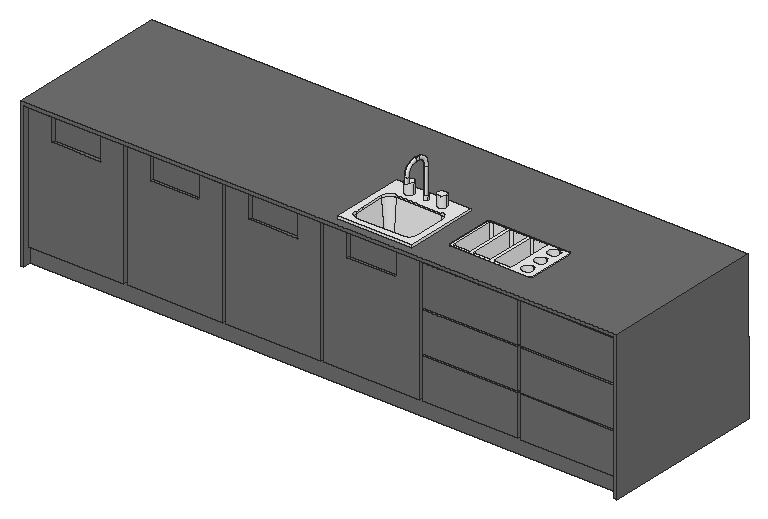
Revit family "Kitchenette", category Specialty Equipment, Revit 2015
Parameters (values of type "3.6m")
  Section 6 [instance] = Drawer : Drawer
  Section 5 [instance] = Drawer : Drawer
  Section 4 [instance] = Closet : Closet
  Section 3 [instance] = Closet : Closet
  Section 2 [instance] = Closet : Closet
  Section 1 [instance] = Closet : Closet
  Metal [instance] = Aluminium Polished
  Material [instance] = Rubber Black
  Width = 1000.00 mm
  Height = 900.00 mm
  Front [instance] = Rubber Black
  Assembly Code = ""
Reference planes
  plane 1 "Left": x = -1820
  plane 2 "Right": x = 1820
  plane 3 "Front": y = -500
  plane 4 "Top": z = 900
  plane 5: y = 500
  plane 6 "Center (Left/Right)": x = 0
  plane 7 "Center (Front/Back)": y = 0
  plane 8: x = -300
  plane 9: x = 300
  plane 10: x = -900
  plane 11: x = -1500
  plane 12: x = 900
  plane 13: x = 1500
  plane 14: z = 880
Forms (mm)
  Extrusion 1, solid, material "Rubber Black" <- "Material"
    sketch origin (3589.401, -1730, 100) x (-1, 0, 0) y (0, 0, 1)
      loop
        line (1769.401, -100) -> (1789.401, -100) -> (1789.401, 780) -> (5389.401, 780) -> (5389.401, -100) -> (5409.401, -100) -> (5409.401, 800) -> (1769.401, 800) -> (1769.401, -100)
    from 1230 to 2230
  Extrusion 2, solid, material "Rubber Black" <- "Material"
    sketch origin (0, 0, 0) x (1, 0, 0) y (0, 1, 0)
      loop
        line (-1800, 100) -> (1800, 100) -> (1800, 120) -> (-1800, 120) -> (-1800, 100)
    from 0 to 880
  Extrusion 3, solid, material "Rubber Black" <- "Material"
    sketch origin (0, -550, 0) x (1, 0, 0) y (0, 1, 0)
      loop
        line (-1800, 100) -> (1800, 100) -> (1800, 120) -> (-1800, 120) -> (-1800, 100)
    from 0 to 880
  Extrusion 4, void
    sketch origin (0, 0, 0) x (1, 0, 0) y (0, 1, 0)
      loop
        line (436.1, -104.3) -> (163.9, -104.3)
        arc (163.9, -104.3) -> (120.908, -122.108) -> (103.1, -165.1) r 60.8
        line (103.1, -165.1) -> (103.1, -361.1)
        arc (103.1, -361.1) -> (120.908, -404.092) -> (163.9, -421.9) r 60.8
        line (163.9, -421.9) -> (436.1, -421.9)
        arc (436.1, -421.9) -> (479.092, -404.092) -> (496.9, -361.1) r 60.8
        line (496.9, -361.1) -> (496.9, -165.1)
        arc (496.9, -165.1) -> (479.092, -122.108) -> (436.1, -104.3) r 60.8
      loop
        line (1140, -16) -> (660, -16)
        arc (660, -16) -> (649.747, -20.247) -> (645.5, -30.5) r 14.5
        line (645.5, -30.5) -> (645.5, -305.5)
        arc (645.5, -305.5) -> (649.747, -315.753) -> (660, -320) r 14.5
        line (660, -320) -> (1140, -320)
        arc (1140, -320) -> (1150.253, -315.753) -> (1154.5, -305.5) r 14.5
        line (1154.5, -305.5) -> (1154.5, -30.5)
        arc (1154.5, -30.5) -> (1150.253, -20.247) -> (1140, -16) r 14.5
    from 760 to 900
Cuts and joins
  Extrusion 4 cuts Extrusion 1
Dimensions and locks
  equal spacing: plane 3 "Front", plane 7 "Center (Front/Back)", plane 5
  equal spacing: plane 1 "Left", plane 6 "Center (Left/Right)", plane 2 "Right"
  plane 1 "Left" to plane 2 "Right" = 3640.00 mm
  "Width": plane 3 "Front" to plane 5
  "Height": plane 4 "Top" to level
  locked: plane 3 "Front" to Extrusion 2 at 600
  locked: Extrusion 2 to Extrusion 2 at 20
  locked: plane 3 "Front" to nested 2 at 180
  locked: plane 3 "Front" to nested 4 at 50
  locked: Extrusion 3 to Extrusion 3 at 20
  plane 3 "Front" to Extrusion 3 to Extrusion 3 = 50.00 mm locked, 20.00 mm locked
  locked: plane 4 "Top" to plane 14 at 20
  aligned and locked: plane 3 "Front" to Extrusion 1
  aligned and locked: Extrusion 1 to plane 5
  aligned and locked: Extrusion 1 sketch curve to plane 1 "Left"
  aligned and locked: Extrusion 2 to Extrusion 1  (x2)
  aligned and locked: Extrusion 2 to level
  aligned and locked: plane 12 to nested 1
  aligned and locked: plane 13 to nested 3
  aligned and locked: nested 4 to plane 9
  aligned and locked: plane 3 "Front" to nested 1
  aligned and locked: plane 3 "Front" to nested 3
  aligned and locked: plane 4 "Top" to nested 2
  aligned and locked: plane 9 to nested 5
  aligned and locked: plane 3 "Front" to nested 5
  aligned and locked: plane 11 to nested 8
  aligned and locked: plane 10 to nested 7
  aligned and locked: plane 8 to nested 6
  aligned and locked: plane 3 "Front" to nested 8
  aligned and locked: plane 3 "Front" to nested 7
  aligned and locked: plane 3 "Front" to nested 6
  aligned and locked: Extrusion 4 to plane 4 "Top"
  aligned and locked: Extrusion 1 sketch curve to plane 4 "Top"
  aligned and locked: Extrusion 1 sketch curve to plane 14
  aligned and locked: Extrusion 3 to plane 14
  aligned and locked: Extrusion 2 to plane 14
Automatic sketch dimensions
  plane 1 "Left" to Extrusion 2 sketch curve = 20.00 mm
  Extrusion 2 sketch curve to plane 2 "Right" = 20.00 mm
  Extrusion 2 sketch curve to plane 7 "Center (Front/Back)" = 100.00 mm
  Extrusion 2 sketch curve to Extrusion 2 sketch curve = 20.00 mm
  plane 1 "Left" to Extrusion 3 sketch curve = 20.00 mm
  Extrusion 3 sketch curve to plane 2 "Right" = 20.00 mm
  Extrusion 3 sketch curve to plane 3 "Front" = 50.00 mm
  Extrusion 3 sketch curve to Extrusion 3 sketch curve = 20.00 mm
  Extrusion 4 sketch curve to plane 6 "Center (Left/Right)" = 103.10 mm
  Extrusion 4 sketch curve to Extrusion 4 sketch curve = 60.80 mm  (x4)
  Extrusion 4 sketch curve to plane 3 "Front" = 78.10 mm
  plane 7 "Center (Front/Back)" to Extrusion 4 sketch curve = 165.10 mm
  Extrusion 4 sketch curve to plane 9 = 136.10 mm
  plane 7 "Center (Front/Back)" to Extrusion 4 sketch curve = 30.50 mm
  Extrusion 4 sketch curve to Extrusion 4 sketch curve = 148.60 mm
  Extrusion 4 sketch curve to Extrusion 4 sketch curve = 14.50 mm  (x2)
  plane 7 "Center (Front/Back)" to Extrusion 4 sketch curve = 16.00 mm
  Extrusion 4 sketch curve to plane 12 = 240.00 mm  (x2)
  Extrusion 4 sketch curve to plane 3 "Front" = 180.00 mm
  Extrusion 1 sketch curve to level = 0.00 mm  (x2)
  Extrusion 1 sketch curve to plane 2 "Right" = 0.00 mm
  Extrusion 1 sketch curve to Extrusion 1 sketch curve = 20.00 mm
  plane 1 "Left" to Extrusion 1 sketch curve = 20.00 mm
Nested families
  nested 1: "Drawer" at (900, -500, 0), Material <- "Front", type <- "Section 5", Height <- "Height", type "Drawer"
    with Material Rubber Black, Height 900.00 mm
  nested 2: "Container" at (900, -168, 900), Material <- "Metal", type "Container"
    with Material Aluminium Polished
  nested 3: "Drawer" at (1500, -500, 0), Material <- "Front", type <- "Section 6", Height <- "Height", type "Drawer"
    with Material Rubber Black, Height 900.00 mm
  nested 4: "Sink" at (284.311, -227.345, 0), Counter Height <- "Height", Material <- "Metal", type "Sink"
    with Material Aluminium Polished, Counter Height 900.00 mm
  nested 5: "Closet" at (300, -500, 0), Material <- "Front", type <- "Section 4", Height <- "Height", type "Closet"
    with Material Rubber Black, Height 900.00 mm
  nested 6: "Closet" at (-300, -500, 0), Material <- "Front", type <- "Section 3", Height <- "Height", type "Closet"
    with Material Rubber Black, Height 900.00 mm
  nested 7: "Closet" at (-900, -500, 0), Material <- "Front", type <- "Section 2", Height <- "Height", type "Closet"
    with Material Rubber Black, Height 900.00 mm
  nested 8: "Closet" at (-1500, -500, 0), Material <- "Front", type <- "Section 1", Height <- "Height", type "Closet"
    with Material Rubber Black, Height 900.00 mm
Definition of nested family "Drawer"
  Parameters
    Material [instance] = none
    Height [instance] = 900.00 mm
    Assembly Code = ""
  Reference planes
    plane 1 "Left": x = -300
    plane 2 "Right": x = 300
    plane 3 "Front": y = 0
    plane 4 "Top": z = 900
    plane 5 "Center (Front/Back)": y = 0
    plane 6 "Center (Left/Right)": x = 0
  Forms (mm)
    Extrusion 1, solid, material <- "Material"
      sketch origin (0, 0, 0) x (1, 0, 0) y (0, 0, 1)
        loop
          line (290, 856) -> (-290, 856) -> (-290, 609) -> (290, 609) -> (290, 856)
        loop
          line (-290, 100) -> (290, 100) -> (290, 347) -> (-290, 347) -> (-290, 100)
        loop
          line (-290, 357) -> (290, 357) -> (290, 599) -> (-290, 599) -> (-290, 357)
      from -50 to -30
  Lines and regions (mm)
    symbolic lines
      curve 1: line (-200, -40, 0) -> (200, -40, 0)
      curve 2: line (-200, -100, 0) -> (200, -100, 0)
      curve 3: line (-200, -160, 0) -> (200, -160, 0)
  Dimensions and locks
    equal spacing: plane 1 "Left", plane 6 "Center (Left/Right)", plane 2 "Right"
    locked: plane 1 "Left" to plane 2 "Right" at 600
    "Height": plane 4 "Top" to level
  Automatic sketch dimensions
    plane 1 "Left" to Extrusion 1 sketch curve = 10.00 mm  (x2)
    Extrusion 1 sketch curve to Extrusion 1 sketch curve = 0.00 mm  (x3)
    Extrusion 1 sketch curve to plane 2 "Right" = 10.00 mm
    level to Extrusion 1 sketch curve = 100.00 mm
    Extrusion 1 sketch curve to Extrusion 1 sketch curve = 247.00 mm
    Extrusion 1 sketch curve to Extrusion 1 sketch curve = 10.00 mm  (x2)
    Extrusion 1 sketch curve to Extrusion 1 sketch curve = 242.00 mm
    plane 4 "Top" to Extrusion 1 sketch curve = 44.00 mm
    plane 1 "Left" to curve 3 = 100.00 mm
    plane 3 "Front" to curve 3 = 160.00 mm
    curve 2 to curve 3 = 0.00 mm
    curve 1 to curve 2 = 0.00 mm  (x2)
    curve 2 to plane 2 "Right" = 100.00 mm
    curve 3 to curve 2 = 0.00 mm
    curve 3 to curve 2 = 60.00 mm
    plane 3 "Front" to curve 1 = 40.00 mm
Definition of nested family "Container"
  Parameters
    Material [instance] = none
    Assembly Code = ""
  Reference planes
    plane 1 "Left": x = -254.5
    plane 2 "Right": x = 254.5
    plane 3 "Front": y = 0
    plane 4 "Top": z = 0
    plane 5 "Center (Left/Right)": x = 0
    plane 6: y = -152
    plane 7: y = 152
  Forms (mm)
    Extrusion 1, solid, material <- "Material"
      sketch origin (0, 0, 0) x (1, 0, 0) y (0, 1, 0)
        loop
          line (107.18, 144.875) -> (25.79, 144.875)
          arc (25.79, 144.875) -> (16.951, 141.214) -> (13.29, 132.375) r 12.5
          line (13.29, 132.375) -> (13.29, -129.996)
          arc (13.29, -129.996) -> (16.951, -138.835) -> (25.79, -142.496) r 12.5
          line (25.79, -142.496) -> (107.18, -142.496)
          arc (107.18, -142.496) -> (116.019, -138.835) -> (119.68, -129.996) r 12.5
          line (119.68, -129.996) -> (119.68, 132.375)
          arc (119.68, 132.375) -> (116.019, 141.214) -> (107.18, 144.875) r 12.5
        loop
          line (240, 152) -> (-240, 152)
          arc (-240, 152) -> (-250.253, 147.753) -> (-254.5, 137.5) r 14.5
          line (-254.5, 137.5) -> (-254.5, -137.5)
          arc (-254.5, -137.5) -> (-250.253, -147.753) -> (-240, -152) r 14.5
          line (-240, -152) -> (240, -152)
          arc (240, -152) -> (250.253, -147.753) -> (254.5, -137.5) r 14.5
          line (254.5, -137.5) -> (254.5, 137.5)
          arc (254.5, 137.5) -> (250.253, 147.753) -> (240, 152) r 14.5
        loop
          line (-16.43, 144.875) -> (-97.82, 144.875)
          arc (-97.82, 144.875) -> (-106.659, 141.214) -> (-110.32, 132.375) r 12.5
          line (-110.32, 132.375) -> (-110.32, -129.996)
          arc (-110.32, -129.996) -> (-106.659, -138.835) -> (-97.82, -142.496) r 12.5
          line (-97.82, -142.496) -> (-16.43, -142.496)
          arc (-16.43, -142.496) -> (-7.591, -138.835) -> (-3.93, -129.996) r 12.5
          line (-3.93, -129.996) -> (-3.93, 132.375)
          arc (-3.93, 132.375) -> (-7.591, 141.214) -> (-16.43, 144.875) r 12.5
        loop
          line (-140.039, 144.875) -> (-221.43, 144.875)
          arc (-221.43, 144.875) -> (-230.268, 141.214) -> (-233.93, 132.375) r 12.5
          line (-233.93, 132.375) -> (-233.93, -129.996)
          arc (-233.93, -129.996) -> (-230.268, -138.835) -> (-221.43, -142.496) r 12.5
          line (-221.43, -142.496) -> (-140.039, -142.496)
          arc (-140.039, -142.496) -> (-131.2, -138.835) -> (-127.539, -129.996) r 12.5
          line (-127.539, -129.996) -> (-127.539, 132.375)
          arc (-127.539, 132.375) -> (-131.2, 141.214) -> (-140.039, 144.875) r 12.5
        loop
          circle (189.743, 99.877) r 35
        loop
          circle (189.743, -0.123) r 35
        loop
          circle (189.743, -99.877) r 35
      from 0 to -100
    Extrusion 2, solid, material <- "Material"
      sketch origin (0, 0, 0) x (1, 0, 0) y (0, 1, 0)
        loop
          line (240, 152) -> (-240, 152)
          arc (-240, 152) -> (-250.253, 147.753) -> (-254.5, 137.5) r 14.5
          line (-254.5, 137.5) -> (-254.5, -137.5)
          arc (-254.5, -137.5) -> (-250.253, -147.753) -> (-240, -152) r 14.5
          line (-240, -152) -> (240, -152)
          arc (240, -152) -> (250.253, -147.753) -> (254.5, -137.5) r 14.5
          line (254.5, -137.5) -> (254.5, 137.5)
          arc (254.5, 137.5) -> (250.253, 147.753) -> (240, 152) r 14.5
      from -110 to -100
  Cuts and joins
    joined: Extrusion 1, Extrusion 2
  Dimensions and locks
    aligned and locked: Extrusion 2 to Extrusion 1
Definition of nested family "Sink"
  Parameters
    Counter Height [instance] = 900.00 mm
    Depth = 450.00 mm
    Material [instance] = none
    Width = 450.00 mm
  Reference planes
    plane 1 "Center (Front/Back)": y = 2.345
    plane 2: z = 0
    plane 3 "Center (Left/Right)": x = 15.689
    plane 4: y = 227.345
    plane 5: y = -222.655
    plane 6: x = -209.311
    plane 7: x = 240.689
    plane 8 "Top Of Counter": z = 900
    plane 9: z = 912.7
    plane 10: z = 684.1
    plane 11: y = 113.045
    plane 12: x = -171.211
    plane 13: y = -184.555
    plane 14: x = 202.589
    plane 15: x = -84.311
    plane 16: x = 115.689
    plane 17: y = 170.195
    plane 18: y = 170.195
    plane 19: y = 170.195
    plane 20: z = 1163.525
    plane 21: y = 20.97
    plane 22: z = 976.2
    plane 23: z = 938.1
  Forms (mm)
    Extrusion 1, solid, material <- "Material"
      sketch origin (0, 0, 0) x (1, 0, 0) y (0, 1, 0)
        loop
          line (-209.311, 227.345) -> (-209.311, -222.655) -> (240.689, -222.655) -> (240.689, 227.345) -> (-209.311, 227.345)
        loop
          arc (-120.411, 113.045) -> (-156.332, 98.166) -> (-171.211, 62.245) r 50.8
          line (-171.211, 62.245) -> (-171.211, -133.755)
          arc (-171.211, -133.755) -> (-156.332, -169.676) -> (-120.411, -184.555) r 50.8
          line (-120.411, -184.555) -> (151.789, -184.555)
          arc (151.789, -184.555) -> (187.71, -169.676) -> (202.589, -133.755) r 50.8
          line (202.589, -133.755) -> (202.589, 62.245)
          arc (202.589, 62.245) -> (187.71, 98.166) -> (151.789, 113.045) r 50.8
          line (151.789, 113.045) -> (-120.411, 113.045)
      from 900 to 912.7
    Sweep 2, solid, material <- "Material"
      path origin (0, 0, 0) x (1, 0, 0) y (0, 1, 0)
        loop
          arc (-120.411, 113.045) -> (-156.332, 98.166) -> (-171.211, 62.245) r 50.8
          line (-171.211, 62.245) -> (-171.211, -133.755)
          arc (-171.211, -133.755) -> (-156.332, -169.676) -> (-120.411, -184.555) r 50.8
          line (-120.411, -184.555) -> (151.789, -184.555)
          arc (151.789, -184.555) -> (187.71, -169.676) -> (202.589, -133.755) r 50.8
          line (202.589, -133.755) -> (202.589, 62.245)
          arc (202.589, 62.245) -> (187.71, 98.166) -> (151.789, 113.045) r 50.8
          line (151.789, 113.045) -> (-120.411, 113.045)
      profile origin (15.689, 0, 0) x (0, 1, 0) y (0, 0, 1)
        loop
          line (113.045, 900) -> (96.511, 711.015)
          arc (96.511, 711.015) -> (90.404, 698.63) -> (77.534, 693.625) r 19.05
          line (77.534, 693.625) -> (74.945, 693.625) -> (74.945, 684.1) -> (119.395, 684.1) -> (119.395, 900) -> (113.045, 900)
    Extrusion 3, solid, material <- "Material"
      sketch origin (0, 0, 0) x (1, 0, 0) y (0, 1, 0)
        loop
          arc (-120.411, 74.945) -> (-129.391, 71.226) -> (-133.111, 62.245) r 12.7
          line (-133.111, 62.245) -> (-133.111, -133.755)
          arc (-133.111, -133.755) -> (-129.391, -142.735) -> (-120.411, -146.455) r 12.7
          line (-120.411, -146.455) -> (151.789, -146.455)
          arc (151.789, -146.455) -> (160.769, -142.735) -> (164.489, -133.755) r 12.7
          line (164.489, -133.755) -> (164.489, 62.245)
          arc (164.489, 62.245) -> (160.769, 71.226) -> (151.789, 74.945) r 12.7
          line (151.789, 74.945) -> (-120.411, 74.945)
        loop
          circle (15.689, 0) r 25.4
      from 684.1 to 693.625
    Extrusion 4, solid, material <- "Material"
      sketch origin (0, 0, 0) x (1, 0, 0) y (0, 1, 0)
        loop
          circle (-84.311, 170.195) r 25.4
        loop
          circle (115.689, 170.195) r 25.4
      from 912.7 to 976.2
    Sweep 5, solid, material <- "Material"
      path origin (15.689, 0, 0) x (0, 1, 0) y (0, 0, 1)
        loop
          line (170.195, 912.7) -> (170.195, 1100.025)
          arc (170.195, 1100.025) -> (151.597, 1144.926) -> (106.695, 1163.525) r 63.5
          line (106.695, 1163.525) -> (84.47, 1163.525)
          arc (84.47, 1163.525) -> (39.569, 1144.926) -> (20.97, 1100.025) r 63.5
          line (20.97, 1100.025) -> (20.97, 1065.1)
      profile origin (15.689, 0, 1006.363) x (0, -1, 0) y (1, 0, 0)
        loop
          circle (-170.195, 0) r 9.525
    Extrusion 6, solid, material <- "Material"
      sketch origin (0, 0, 0) x (1, 0, 0) y (0, 1, 0)
        loop
          circle (15.689, 170.195) r 12.7
      from 912.7 to 938.1
    Extrusion 7, solid, material <- "Material"
      sketch origin (0, 0, 0) x (1, 0, 0) y (0, 1, 0)
        loop
          circle (15.689, 0) r 25.4
      from 674.1 to 684.1
  Cuts and joins
    joined: Sweep 5, Extrusion 6
    joined: Sweep 2, Extrusion 3
  Lines and regions (mm)
    Masking region 1
      outline origin (0, 0, 900) x (0, -1, 0) y (1, 0, 0)
        loop
          line (-227.345, -209.311) -> (222.655, -209.311) -> (222.655, 240.689) -> (-227.345, 240.689) -> (-227.345, -209.311)
    symbolic lines
      curve 1: arc (41.089, 0, 900) -> (15.689, 25.4, 900) -> (-9.711, 0, 900) r 25.4
      curve 2: arc (-9.711, 0, 900) -> (15.689, -25.4, 900) -> (41.089, 0, 900) r 25.4
      curve 3: line (-171.211, 62.245, 900) -> (-171.211, -133.755, 900)
      curve 4: line (-120.411, -184.555, 900) -> (151.789, -184.555, 900)
      curve 5: line (202.589, -133.755, 900) -> (202.589, 62.245, 900)
      curve 6: line (151.789, 113.045, 900) -> (28.389, 113.045, 900)
      curve 7: arc (202.589, 62.245, 900) -> (187.71, 98.166, 900) -> (151.789, 113.045, 900) r 50.8
      curve 8: arc (151.789, -184.555, 900) -> (187.71, -169.676, 900) -> (202.589, -133.755, 900) r 50.8
      curve 9: arc (-171.211, -133.755, 900) -> (-156.332, -169.676, 900) -> (-120.411, -184.555, 900) r 50.8
      curve 10: arc (-120.411, 113.045, 900) -> (-156.332, 98.166, 900) -> (-171.211, 62.245, 900) r 50.8
      curve 11: arc (142.689, 172.313, 900) -> (117.289, 197.713, 900) -> (91.889, 172.313, 900) r 25.4
      curve 12: arc (91.889, 172.313, 900) -> (117.289, 146.913, 900) -> (142.689, 172.313, 900) r 25.4
      curve 13: arc (28.389, 170.195, 900) -> (15.689, 182.895, 900) -> (2.989, 170.195, 900) r 12.7
      curve 14: line (2.989, 170.195, 900) -> (2.989, 53.145, 900)
      curve 15: line (28.389, 170.195, 900) -> (28.389, 53.145, 900)
      curve 16: arc (28.389, 53.145, 900) -> (15.689, 40.445, 900) -> (2.989, 53.145, 900) r 12.7
      curve 17: line (2.989, 113.045, 900) -> (-120.411, 113.045, 900)
      curve 18: arc (-58.911, 170.195, 900) -> (-84.311, 195.595, 900) -> (-109.711, 170.195, 900) r 25.4
      curve 19: arc (-109.711, 170.195, 900) -> (-84.311, 144.795, 900) -> (-58.911, 170.195, 900) r 25.4
  Dimensions and locks
    equal spacing: plane 6, plane 3 "Center (Left/Right)", plane 7
    "Width": plane 6 to plane 7
    equal spacing: plane 5, plane 1 "Center (Front/Back)", plane 4
    "Depth": plane 5 to plane 4
    "Counter Height": plane 8 "Top Of Counter" to plane 2
    locked: plane 9 to plane 8 "Top Of Counter" at 12.7
    locked: plane 8 "Top Of Counter" to plane 10 at 215.9
    locked: plane 6 to plane 12 at 38.1
    locked: plane 14 to plane 7 at 38.1
    locked: plane 11 to plane 4 at 114.3
    locked: plane 5 to plane 13 at 38.1
    equal spacing: plane 11, plane 17, plane 4
    equal spacing: plane 11, plane 18, plane 4
    equal spacing: plane 4, plane 19, plane 11
    locked: plane 19 to plane 21 at 149.225
    locked: plane 20 to plane 9 at 250.825
    locked: plane 22 to plane 9 at 63.5
    locked: plane 23 to plane 9 at 25.4
    plane 15 to plane 3 "Center (Left/Right)" to plane 16 = 100.00 mm locked, 100.00 mm locked
    aligned and locked: Extrusion 1 sketch curve to plane 5
    aligned and locked: plane 7 to Extrusion 1 sketch curve
    aligned and locked: plane 4 to Extrusion 1 sketch curve
    aligned and locked: Extrusion 1 sketch curve to plane 6
    aligned and locked: plane 8 "Top Of Counter" to Extrusion 1
    aligned and locked: Extrusion 1 to plane 9
    aligned and locked: plane 11 to Extrusion 1 sketch curve
    aligned and locked: plane 14 to Extrusion 1 sketch curve
    aligned and locked: Extrusion 1 sketch curve to plane 12
    aligned and locked: Extrusion 1 sketch curve to plane 13
    aligned and locked: plane 11 to Sweep 2 sketch curve
    aligned and locked: plane 14 to Sweep 2 sketch curve
    aligned and locked: Sweep 2 sketch curve to plane 12
    aligned and locked: Sweep 2 sketch curve to plane 13
    aligned and locked: Sweep 2 to Extrusion 3 sketch curve  (x4)
    aligned and locked: Sweep 2 to Extrusion 3
    aligned and locked: plane 10 to Extrusion 3
    aligned and locked: Sweep 2 sketch curve to plane 10
    aligned and locked: plane 8 "Top Of Counter" to Sweep 2 sketch curve
    aligned and locked: Extrusion 4 to Extrusion 1
    aligned and locked: Extrusion 6 to Extrusion 1
    aligned and locked: Sweep 5 sketch curve to plane 19
    aligned and locked: plane 20 to Sweep 5 sketch curve
    aligned and locked: plane 21 to Sweep 5 sketch curve
    aligned and locked: Extrusion 4 to plane 22
    aligned and locked: Extrusion 6 to plane 23
    aligned and locked: plane 7 to Masking region 1 sketch curve
    aligned and locked: Masking region 1 sketch curve to plane 5
    aligned and locked: Masking region 1 sketch curve to plane 6
    aligned and locked: plane 4 to Masking region 1 sketch curve
    aligned and locked: curve 18 to Extrusion 4
    aligned and locked: plane 16 to Extrusion 4 sketch curve
    aligned and locked: plane 17 to Extrusion 4 sketch curve  (x2)
    aligned and locked: plane 15 to Extrusion 4 sketch curve
    aligned and locked: Extrusion 7 to plane 10
  Automatic sketch dimensions
    Sweep 2 sketch curve to plane 12 = 50.80 mm
    Sweep 2 sketch curve to Sweep 2 sketch curve = 50.80 mm
    plane 11 to Sweep 2 sketch curve = 50.80 mm
    plane 14 to Sweep 2 sketch curve = 50.80 mm
    Extrusion 1 sketch curve to plane 12 = 50.80 mm  (x2)
    plane 14 to Extrusion 1 sketch curve = 50.80 mm  (x2)
    Extrusion 3 sketch curve to plane 3 "Center (Left/Right)" = 0.00 mm
    Extrusion 3 sketch curve to Extrusion 3 sketch curve = 12.70 mm  (x4)
    plane 1 "Center (Front/Back)" to Extrusion 3 sketch curve = 2.345 mm
    Extrusion 3 sketch curve to plane 3 "Center (Left/Right)" = 25.40 mm
    Sweep 2 sketch curve to profile plane = 0.00 mm
    profile plane to Sweep 2 sketch curve = 16.534 mm
    Sweep 2 sketch curve to Sweep 2 sketch curve = 18.978 mm
    Sweep 2 sketch curve to Sweep 2 sketch curve = 2.588 mm
    Sweep 2 sketch curve to profile plane = 6.35 mm
    Sweep 2 sketch curve to Sweep 2 sketch curve = 9.525 mm
    Sweep 2 sketch curve to Sweep 2 sketch curve = 17.39 mm
    plane 15 to Extrusion 4 sketch curve = 25.40 mm
    plane 16 to Extrusion 4 sketch curve = 25.40 mm
    Sweep 5 sketch curve to plane 3 "Center (Left/Right)" = 0.00 mm
    Sweep 5 sketch curve to profile plane = 0.00 mm
    profile plane to Sweep 5 sketch curve = 9.525 mm
    Extrusion 6 sketch curve to plane 18 = 0.00 mm
    Extrusion 6 sketch curve to plane 3 "Center (Left/Right)" = 0.00 mm
    Extrusion 6 sketch curve to plane 3 "Center (Left/Right)" = 12.70 mm
    Sweep 5 sketch curve to plane 9 = 0.00 mm
    Sweep 5 sketch curve to Sweep 5 sketch curve = 63.50 mm
    plane 11 to Sweep 5 sketch curve = 6.35 mm
    Sweep 5 sketch curve to Sweep 5 sketch curve = 34.925 mm
    curve 17 to plane 11 = 0.00 mm
    curve 6 to plane 11 = 0.00 mm
    curve 5 to plane 14 = 0.00 mm
    curve 3 to plane 12 = 0.00 mm
    curve 16 to plane 3 "Center (Left/Right)" = 0.00 mm
    curve 2 to plane 3 "Center (Left/Right)" = 0.00 mm
    curve 4 to plane 13 = 0.00 mm
    plane 4 to curve 13 = 57.15 mm
    plane 4 to curve 11 = 55.032 mm
    plane 11 to curve 7 = 50.80 mm
    plane 11 to curve 10 = 50.80 mm
    curve 15 to plane 1 "Center (Front/Back)" = 50.80 mm
    curve 16 to plane 3 "Center (Left/Right)" = 12.70 mm
    plane 1 "Center (Front/Back)" to curve 1 = 2.345 mm
    curve 3 to plane 13 = 50.80 mm
    curve 8 to plane 13 = 50.80 mm
    curve 2 to plane 3 "Center (Left/Right)" = 25.40 mm
    curve 13 to curve 12 = 63.50 mm
    curve 11 to curve 12 = 25.40 mm
    Extrusion 7 sketch curve to Extrusion 7 sketch curve = 0.00 mm  (x2)
    Extrusion 7 sketch curve to plane 3 "Center (Left/Right)" = 0.00 mm
    plane 1 "Center (Front/Back)" to Extrusion 7 sketch curve = 2.345 mm
    Extrusion 7 sketch curve to plane 3 "Center (Left/Right)" = 25.40 mm
Definition of nested family "Closet"
  Parameters
    Material [instance] = none
    Height [instance] = 900.00 mm
    Assembly Code = ""
  Reference planes
    plane 1 "Left": x = -300
    plane 2 "Right": x = 300
    plane 3 "Center (Front/Back)": y = 0
    plane 4 "Top": z = 900
    plane 5 "Center (Left/Right)": x = 0
  Forms (mm)
    Extrusion 1, solid, material <- "Material"
      sketch origin (0, 0, 0) x (1, 0, 0) y (0, 0, 1)
        loop
          line (-290, 860) -> (-290, 100) -> (290, 100) -> (290, 860) -> (150, 860) -> (150, 720) -> (-150, 720) -> (-150, 860) -> (-290, 860)
      from -50 to -30
  Dimensions and locks
    "Height": plane 4 "Top" to level
    locked: plane 3 "Center (Front/Back)" to Extrusion 1 at 30
  Automatic sketch dimensions
    plane 1 "Left" to Extrusion 1 sketch curve = 10.00 mm
    plane 4 "Top" to Extrusion 1 sketch curve = 40.00 mm  (x2)
    Extrusion 1 sketch curve to Extrusion 1 sketch curve = 140.00 mm  (x2)
    Extrusion 1 sketch curve to plane 2 "Right" = 150.00 mm
    Extrusion 1 sketch curve to plane 2 "Right" = 10.00 mm
    level to Extrusion 1 sketch curve = 100.00 mm
